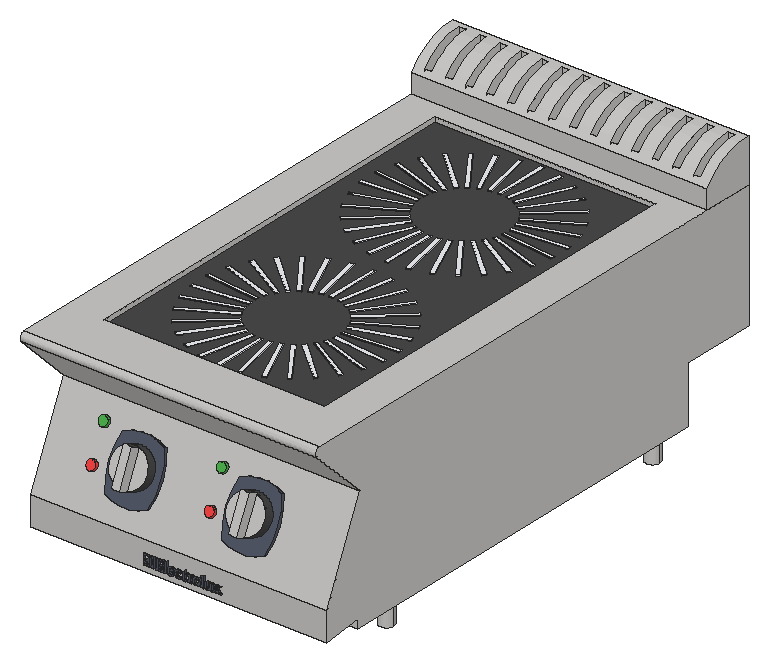
Revit family "QF_ELECTROLUXPROFESSIONAL_371020_E7INED2000", category Specialty Equipment, Revit 2018
Family settings
  Round Connector Dimension = Use Diameter
  Part Type = Normal
  Work Plane-Based = No
  Always vertical = Yes
  Cut with Voids When Loaded = No
  Shared = No
  Room Calculation Point = No
Parameters
  Width = 400 mm  # constant formula
  Weight in Pounds = 44  # constant formula
  Watts = 7000 VA  # 7000 W
  Volts = 400 V  # constant formula
  URL Cutsheet = "www.electrolux.com/foodservice"
  URL = "www.electrolux.com/foodservice"
  Type Mark [instance] = ""
  Status [instance] = ""
  Specification by User [instance] = ""
  Specification by Manufacturer = ""
  Show Logo [instance] = yes
  Show Clearance [instance] = yes
  Serial Number = ""
  Seismic Rating = ""
  SMACNA No = ""
  Revision Code [instance] = ""
  Phase = 3  # constant formula
  Omniclass Number and Title = ""
  Number of Poles [instance] = 1
  NAFEM Spec ID Number = ""
  Model = "371020"
  Min Ckt Ampacity = 0 A
  Max Overcurrent Protection = 0 A
  Masterspec = ""
  Manufacturer = "ELECTROLUX"
  Item Number [instance] = ""
  Installed By [instance] = ""
  Identify Quantity as Lot [instance] = yes
  Height = 332 mm  # constant formula
  HP = "9.4 HP"
  Furnished By [instance] = ""
  Foodservice Equipment Identifier [instance] = yes
  FL Amps = if(Phase = 3, Watts / (Volts * 1.73), Watts / Volts)  # 10.1156 A
  Electrical Remarks [instance] = "400 V/3N ph/50/60 Hz"  # constant formula
  Electric Connection Type [instance] = ""
  Elec Conn RI Height [instance] = 0 mm
  Elec Conn Connection Height [instance] = 0 mm
  Direct Waste Size = 0"
  Description = "700XP 2 Zone Hot Plate Electric Induction Cooking Top Range - 400V"
  Depth = 730 mm  # constant formula
  Cycle = if([60 Hertz Option], 60 Hz, 50 Hz)  # 60 Hz
  Conn Plug = ""
  Conn Conduit = yes
  CSI MasterFormat = ""
  CSI Master Format = ""
  Base Height [instance] = 24 mm  # constant formula
  Apparent Power = if(Phase = 3, Volts * FL Amps * 1.73, Volts * FL Amps)  # 7000 VA
  60 Hertz Option = not([50 Hertz Option])  # yes
  50 Hertz Option = no
Reference planes
  plane 1 "BACK": y = 0
  plane 2: z = 0
  plane 3 "LEFT": x = 0
  plane 4 "RIGHT": x = 400
  plane 5 "FRONT": y = -730
  plane 6 "TOP": z = 332
  plane 7 "Center Y": x = 200
  plane 8 "Center X": y = -365
  plane 9 "BASE": z = 24
  plane 10 "TOP A": z = 273.238
  plane 11: y = -597.884
  plane 12: y = -147.637
Forms (mm)
  Extrusion 1, solid, material "QF_Finishes_Stainless Steel"
    sketch origin (0, 0, 0) x (0, 1, 0) y (0, 0, 1)
      loop
        line (0, 273.237) -> (-725.027, 273.237)
        arc (-725.027, 273.237) -> (-730.893, 269.318) -> (-729.517, 262.397) r 6.35
        line (-729.517, 262.397) -> (-657.416, 190.047) -> (-713.522, 69.19) -> (-713.522, 31.09) -> (-660.4, 36.7) -> (-660.4, 24) -> (-101.6, 24) -> (-101.6, 101.788) -> (0, 101.788) -> (0, 273.237)
    from 0 to 400
  Extrusion 2, solid, material "QF_Finishes_Stainless Steel"
    sketch origin (0, 0, 0) x (0, 1, 0) y (0, 0, 1)
      loop
        line (0, 273.237) -> (0, 332)
        arc (0, 332) -> (-38.885, 323.609) -> (-69.85, 298.638) r 86.116
        line (-69.85, 298.638) -> (-69.85, 273.237) -> (0, 273.237)
    from 0 to 400
  Extrusion 3, void
    sketch origin (0, 0, 273.238) x (-1, 0, 0) y (0, -1, 0)
      loop
        line (-50, 93.262) -> (-50, 653.262) -> (-350, 653.262) -> (-350, 93.262) -> (-50, 93.262)
    from 0 to -6.35
  Extrusion 4, void
    sketch origin (0, 0, 273.238) x (-1, 0, 0) y (0, -1, 0)
      loop
        line (-13.453, 6.761) -> (-13.453, 63.911) -> (-22.749, 63.911) -> (-22.749, 6.761) -> (-13.453, 6.761)
    from 25.4 to 63.5
  Extrusion 5, void
    sketch origin (400.05, 0, 273.237) x (1, 0, 0) y (0, 1, 0)
      loop
        line (-13.503, -6.761) -> (-22.799, -6.761) -> (-22.799, -63.911) -> (-13.503, -63.911) -> (-13.503, -6.761)
    from 25.4 to 63.5
  Extrusion 6, void
    sketch origin (27.988, 0, 273.238) x (-1, 0, 0) y (0, -1, 0)
      loop
        line (-13.453, 6.761) -> (-13.453, 63.911) -> (-22.749, 63.911) -> (-22.749, 6.761) -> (-13.453, 6.761)
    from 25.4 to 63.5
  Extrusion 7, void
    sketch origin (55.977, 0, 273.238) x (-1, 0, 0) y (0, -1, 0)
      loop
        line (-13.453, 6.761) -> (-13.453, 63.911) -> (-22.749, 63.911) -> (-22.749, 6.761) -> (-13.453, 6.761)
    from 25.4 to 63.5
  Extrusion 8, void
    sketch origin (83.965, 0, 273.238) x (-1, 0, 0) y (0, -1, 0)
      loop
        line (-13.428, 6.761) -> (-13.428, 63.911) -> (-22.724, 63.911) -> (-22.724, 6.761) -> (-13.428, 6.761)
    from 25.4 to 63.5
  Extrusion 9, void
    sketch origin (111.953, 0, 273.238) x (-1, 0, 0) y (0, -1, 0)
      loop
        line (-13.428, 6.761) -> (-13.428, 63.911) -> (-22.724, 63.911) -> (-22.724, 6.761) -> (-13.428, 6.761)
    from 25.4 to 63.5
  Extrusion 10, void
    sketch origin (139.942, 0, 273.237) x (-1, 0, 0) y (0, -1, 0)
      loop
        line (-13.428, 6.761) -> (-13.428, 63.911) -> (-22.724, 63.911) -> (-22.724, 6.761) -> (-13.428, 6.761)
    from 25.4 to 63.5
  Extrusion 11, void
    sketch origin (167.93, 0, 273.237) x (-1, 0, 0) y (0, -1, 0)
      loop
        line (-13.428, 6.761) -> (-13.428, 63.911) -> (-22.724, 63.911) -> (-22.724, 6.761) -> (-13.428, 6.761)
    from 25.4 to 63.5
  Extrusion 12, void
    sketch origin (195.918, 0, 273.237) x (-1, 0, 0) y (0, -1, 0)
      loop
        line (-13.428, 6.761) -> (-13.428, 63.911) -> (-22.724, 63.911) -> (-22.724, 6.761) -> (-13.428, 6.761)
    from 25.4 to 63.5
  Extrusion 13, void
    sketch origin (223.907, 0, 273.237) x (-1, 0, 0) y (0, -1, 0)
      loop
        line (-13.428, 6.761) -> (-13.428, 63.911) -> (-22.724, 63.911) -> (-22.724, 6.761) -> (-13.428, 6.761)
    from 25.4 to 63.5
  Extrusion 14, void
    sketch origin (251.895, 0, 273.237) x (-1, 0, 0) y (0, -1, 0)
      loop
        line (-13.428, 6.761) -> (-13.428, 63.911) -> (-22.724, 63.911) -> (-22.724, 6.761) -> (-13.428, 6.761)
    from 25.4 to 63.5
  Extrusion 15, void
    sketch origin (279.884, 0, 273.237) x (-1, 0, 0) y (0, -1, 0)
      loop
        line (-13.403, 6.761) -> (-13.403, 63.911) -> (-22.699, 63.911) -> (-22.699, 6.761) -> (-13.403, 6.761)
    from 25.4 to 63.5
  Extrusion 16, void
    sketch origin (307.872, 0, 273.237) x (-1, 0, 0) y (0, -1, 0)
      loop
        line (-13.403, 6.761) -> (-13.403, 63.911) -> (-22.699, 63.911) -> (-22.699, 6.761) -> (-13.403, 6.761)
    from 25.4 to 63.5
  Extrusion 17, void
    sketch origin (335.86, 0, 273.237) x (-1, 0, 0) y (0, -1, 0)
      loop
        line (-13.403, 6.761) -> (-13.403, 63.911) -> (-22.699, 63.911) -> (-22.699, 6.761) -> (-13.403, 6.761)
    from 25.4 to 63.5
  Extrusion 18, solid, material "QF_Finishes_Stainless Steel"
    sketch origin (0, 0, 0) x (1, 0, 0) y (0, 1, 0)
      loop
        circle (11.112, -147.638) r 9.525
      loop
        circle (11.112, -597.884) r 9.525
      loop
        circle (388.887, -147.638) r 9.525
      loop
        circle (388.887, -597.884) r 9.525
    from 0 to 24
  Extrusion 19, solid, material "QF_Finishes_Navy Blue"
    sketch origin (-40.325, -713.522, 69.19) x (0, 0.421077, 0.907025) y (-1, 0, 0)
      loop
        arc (101.077, -132.565) -> (66.2, -125.548) -> (31.333, -132.61) r 89.894
        arc (31.333, -132.61) -> (24.638, -161.14) -> (31.333, -189.671) r 64.14
        arc (31.333, -189.671) -> (66.2, -196.736) -> (101.077, -189.715) r 89.853
        arc (101.077, -189.715) -> (107.792, -161.14) -> (101.077, -132.565) r 64.16
    from 0 to 3.175
  Extrusion 20, solid, material "QF_Finishes_Stainless Steel"
    sketch origin (-40.325, -716.402, 70.527) x (0, 0.421077, 0.907025) y (-1, 0, 0)
      loop
        circle (68.826, -160.963) r 25.4
    from 0 to 12.7
  Extrusion 21, solid, material "QF_Finishes_Stainless Steel"
    sketch origin (-40.325, -727.921, 75.875) x (0, 0.421077, 0.907025) y (-1, 0, 0)
      loop
        arc (93.558, -166.749) -> (94.226, -160.963) -> (93.558, -155.177) r 25.4
        line (93.558, -155.177) -> (44.094, -155.177)
        arc (44.094, -155.177) -> (43.426, -160.963) -> (44.094, -166.749) r 25.4
        line (44.094, -166.749) -> (93.558, -166.749)
    from 0 to 12.7
  Extrusion 22, solid, material "QF_Finishes_Green"
    sketch origin (-95, -709.311, 78.261) x (0, 0.421077, 0.907025) y (-1, 0, 0)
      loop
        circle (93.566, -160.648) r 6.35
    from 0 to 3.175
  Extrusion 23, solid, material "QF_Finishes_Red"
    sketch origin (-95, -719.312, 56.719) x (0, 0.421077, 0.907025) y (-1, 0, 0)
      loop
        circle (68.272, -160.648) r 6.4
    from 0 to 3.175
  Extrusion 24, solid, material "QF_Finishes_Stainless Steel"
    sketch origin (0, -101.6, 101.788) x (0, 0, -1) y (-1, 0, 0)
      loop
        circle (43.882, -336.5) r 12.7
    from 0 to 12.7
  Extrusion 25, solid, material "QF_Finishes_Clearance", visible <- "Show Clearance", detail levels coarse
    sketch origin (0, 0, 0) x (1, 0, 0) y (0, 1, 0)
      loop
        line (0, -731.377) -> (0, 0) -> (400, 0) -> (400, -731.377) -> (550.019, -731.377) -> (550.019, 150.019) -> (-150.019, 150.019) -> (-150.019, -731.377) -> (0, -731.377)
    from 0 to 332
  Extrusion 26, solid, material "QF_Finishes_Navy Blue", visible <- "Show Logo"
    sketch origin (-134.192, -713.772, 32.49) x (0, 0, 1) y (-1, 0, 0)
      loop
        line (20.674, -296.698) -> (8.307, -296.698)
        arc (8.307, -296.698) -> (14.491, -301.27) -> (20.674, -296.698) r 6.467
      loop
        arc (20.674, -296.069) -> (19.505, -290.926) -> (14.849, -288.448) r 6.338
        line (14.849, -288.448) -> (14.849, -290.494)
        arc (14.849, -290.494) -> (16.333, -294.149) -> (19.778, -296.069) r 5.941
        line (19.778, -296.069) -> (20.674, -296.069)
      loop
        arc (9.203, -296.069) -> (12.648, -294.149) -> (14.132, -290.494) r 5.941
        line (14.132, -290.494) -> (14.132, -288.448)
        arc (14.132, -288.448) -> (9.438, -290.922) -> (8.148, -296.069) r 6.504
        line (8.148, -296.069) -> (9.203, -296.069)
      loop
        line (21.349, -287.979) -> (7.604, -287.979) -> (7.604, -301.742) -> (21.349, -301.742) -> (21.349, -287.979)
      loop
        arc (21.432, -304.71) -> (21.085, -304.352) -> (20.718, -304.69) r 0.358
        arc (20.718, -304.69) -> (20.404, -305.44) -> (19.687, -305.825) r 1.216
        line (19.687, -305.825) -> (9.274, -305.825)
        arc (9.274, -305.825) -> (8.614, -305.548) -> (8.218, -304.951) r 1.238
        arc (8.218, -304.951) -> (7.823, -304.7) -> (7.518, -305.054) r 0.358
        line (7.518, -305.054) -> (7.518, -314.933) -> (10.269, -314.933) -> (10.269, -314.036)
        arc (10.269, -314.036) -> (9.36, -313.456) -> (8.904, -312.479) r 1.928
        line (8.904, -312.479) -> (8.904, -309.98)
        arc (8.904, -309.98) -> (9.18, -309.251) -> (9.868, -308.887) r 1.101
        line (9.868, -308.887) -> (13.955, -308.887) -> (13.955, -312.561)
        arc (13.955, -312.561) -> (13.602, -313.058) -> (13.037, -313.286) r 1.083
        arc (13.037, -313.286) -> (12.773, -313.591) -> (13.065, -313.869) r 0.292
        line (13.065, -313.869) -> (16.028, -313.869)
        arc (16.028, -313.869) -> (16.33, -313.596) -> (16.092, -313.266) r 0.305
        arc (16.092, -313.266) -> (15.601, -313.018) -> (15.296, -312.561) r 1.083
        line (15.296, -312.561) -> (15.296, -308.887) -> (19.973, -308.887) -> (19.973, -312.635)
        arc (19.973, -312.635) -> (19.759, -313.39) -> (19.153, -313.888) r 1.314
        arc (19.153, -313.888) -> (18.934, -314.292) -> (19.288, -314.585) r 0.361
        line (19.288, -314.585) -> (21.432, -314.585) -> (21.432, -304.71)
      loop
        arc (20.715, -315.365) -> (20.335, -316.284) -> (19.416, -316.664) r 1.299
        line (19.416, -316.664) -> (9.837, -316.664)
        arc (9.837, -316.664) -> (8.999, -316.286) -> (8.728, -315.408) r 1.118
        line (8.728, -315.408) -> (7.518, -315.408) -> (7.518, -320.758) -> (8.706, -320.758)
        arc (8.706, -320.758) -> (8.978, -319.841) -> (9.848, -319.445) r 1.153
        line (9.848, -319.445) -> (21.92, -319.445) -> (20.715, -315.365)
      loop
        line (12.483, -323.394) -> (12.483, -329.842) -> (13.282, -329.842)
        arc (13.282, -329.842) -> (15.862, -328.857) -> (17.131, -326.404) r 3.874
        line (17.131, -326.404) -> (17.131, -324.643)
        arc (17.131, -324.643) -> (15.944, -321.778) -> (13.08, -320.592) r 4.051
        line (13.08, -320.592) -> (11.072, -320.592)
        arc (11.072, -320.592) -> (8.253, -322.077) -> (7.202, -325.084) r 4.352
        arc (7.202, -325.084) -> (7.566, -327.547) -> (8.943, -329.621) r 5.713
        line (8.943, -329.621) -> (9.892, -329.621)
        arc (9.892, -329.621) -> (9.16, -328.052) -> (8.943, -326.334) r 5.579
        arc (8.943, -326.334) -> (9.737, -324.371) -> (11.616, -323.394) r 3.057
        line (11.616, -323.394) -> (12.483, -323.394)
      loop
        line (13.742, -323.394) -> (13.742, -326.977)
        arc (13.742, -326.977) -> (15.199, -327.024) -> (16.082, -325.864) r 1.59
        line (16.082, -325.864) -> (16.082, -325.034)
        arc (16.082, -325.034) -> (15.217, -323.779) -> (13.742, -323.394) r 2.184
      loop
        arc (16.533, -339.259) -> (17.022, -337.585) -> (17.179, -335.848) r 9.023
        line (17.179, -335.848) -> (17.179, -334.486)
        arc (17.179, -334.486) -> (16.02, -331.686) -> (13.22, -330.527) r 3.959
        line (13.22, -330.527) -> (10.62, -330.527)
        arc (10.62, -330.527) -> (8.338, -331.819) -> (7.221, -334.192) r 4.331
        line (7.221, -334.192) -> (7.221, -336.327)
        arc (7.221, -336.327) -> (7.729, -337.877) -> (8.651, -339.223) r 5.772
        arc (8.651, -339.223) -> (9.412, -339.274) -> (9.499, -338.515) r 0.553
        arc (9.499, -338.515) -> (9.111, -337.781) -> (8.977, -336.962) r 2.573
        line (8.977, -336.962) -> (8.977, -335.447)
        arc (8.977, -335.447) -> (9.983, -333.806) -> (11.798, -333.163) r 2.884
        line (11.798, -333.163) -> (13.077, -333.163)
        arc (13.077, -333.163) -> (14.898, -333.723) -> (15.824, -335.388) r 2.554
        line (15.824, -335.388) -> (15.824, -336.441)
        arc (15.824, -336.441) -> (15.493, -337.369) -> (14.836, -338.104) r 2.564
        arc (14.836, -338.104) -> (14.614, -338.821) -> (15.223, -339.259) r 0.643
        line (15.223, -339.259) -> (16.533, -339.259)
      loop
        line (15.515, -339.53) -> (15.515, -341.031) -> (9.467, -341.031)
        arc (9.467, -341.031) -> (7.879, -341.688) -> (7.221, -343.276) r 2.246
        line (7.221, -343.276) -> (7.221, -344.86)
        arc (7.221, -344.86) -> (7.535, -345.725) -> (8.035, -346.496) r 4.06
        arc (8.035, -346.496) -> (8.768, -346.629) -> (9.019, -345.928) r 0.576
        arc (9.019, -345.928) -> (8.913, -345.403) -> (8.977, -344.87) r 1.69
        arc (8.977, -344.87) -> (9.519, -344.082) -> (10.425, -343.779) r 1.506
        line (10.425, -343.779) -> (15.563, -343.779) -> (15.563, -346.176) -> (16.119, -346.733) -> (16.941, -346.733) -> (16.941, -343.873) -> (20.172, -343.873) -> (15.515, -339.53)
      loop
        line (7.438, -347.63) -> (7.438, -353.017) -> (8.548, -353.017)
        arc (8.548, -353.017) -> (8.942, -352.066) -> (9.893, -351.672) r 1.345
        line (9.893, -351.672) -> (13.509, -351.672)
        arc (13.509, -351.672) -> (14.274, -352.264) -> (14.564, -353.186) r 1.615
        line (14.564, -353.186) -> (14.564, -354.742) -> (17.119, -355.427) -> (17.119, -354.044) -> (15.177, -351.485) -> (17.057, -351.485) -> (16.773, -348.779)
        arc (16.773, -348.779) -> (16.333, -348.249) -> (15.674, -348.45) r 0.621
        arc (15.674, -348.45) -> (15.274, -348.792) -> (14.78, -348.975) r 1.501
        line (14.78, -348.975) -> (9.893, -348.975)
        arc (9.893, -348.975) -> (8.942, -348.581) -> (8.548, -347.63) r 1.345
        line (8.548, -347.63) -> (7.438, -347.63)
      loop
        line (13.54, -354.964) -> (10.848, -354.964)
        arc (10.848, -354.964) -> (8.403, -356.272) -> (7.269, -358.803) r 4.288
        arc (7.269, -358.803) -> (7.205, -360.183) -> (7.269, -361.563) r 15.022
        arc (7.269, -361.563) -> (8.403, -364.094) -> (10.848, -365.401) r 4.288
        line (10.848, -365.401) -> (13.54, -365.401)
        arc (13.54, -365.401) -> (15.986, -364.094) -> (17.119, -361.563) r 4.288
        arc (17.119, -361.563) -> (17.183, -360.183) -> (17.119, -358.803) r 15.022
        arc (17.119, -358.803) -> (15.986, -356.272) -> (13.54, -354.964) r 4.288
      loop
        line (13.745, -358.078) -> (10.643, -358.078)
        arc (10.643, -358.078) -> (8.486, -360.235) -> (10.643, -362.392) r 2.157
        line (10.643, -362.392) -> (13.745, -362.392)
        arc (13.745, -362.392) -> (15.902, -360.235) -> (13.745, -358.078) r 2.157
      loop
        arc (20.726, -365.26) -> (20.355, -366.154) -> (19.461, -366.524) r 1.264
        line (19.461, -366.524) -> (9.597, -366.524)
        arc (9.597, -366.524) -> (8.727, -366.127) -> (8.455, -365.211) r 1.153
        line (8.455, -365.211) -> (7.518, -365.211) -> (7.518, -370.319) -> (8.446, -370.319)
        arc (8.446, -370.319) -> (8.805, -369.547) -> (9.597, -369.232) r 1.153
        line (9.597, -369.232) -> (21.92, -369.232) -> (20.726, -365.26)
      loop
        arc (15.846, -369.857) -> (15.647, -370.921) -> (14.678, -371.403) r 1.215
        line (14.678, -371.403) -> (9.658, -371.403)
        arc (9.658, -371.403) -> (8.043, -372.051) -> (7.322, -373.634) r 2.338
        line (7.322, -373.634) -> (7.322, -375.148)
        arc (7.322, -375.148) -> (7.497, -376.152) -> (7.999, -377.038) r 2.979
        line (7.999, -377.038) -> (7.518, -378.835) -> (7.518, -380.524) -> (16.943, -380.524) -> (16.649, -376.32) -> (15.863, -376.32)
        arc (15.863, -376.32) -> (15.507, -377.156) -> (14.755, -377.665) r 1.605
        line (14.755, -377.665) -> (9.652, -377.665)
        arc (9.652, -377.665) -> (9.232, -376.728) -> (9.159, -375.704) r 2.94
        arc (9.159, -375.704) -> (9.72, -374.603) -> (10.873, -374.16) r 1.724
        line (10.873, -374.16) -> (17.07, -374.16) -> (15.846, -369.857)
      loop
        line (16.874, -381.377) -> (15.202, -383.423) -> (12.028, -385.729) -> (8.572, -382.617)
        arc (8.572, -382.617) -> (8.335, -382.223) -> (8.357, -381.764) r 0.789
        line (8.357, -381.764) -> (7.518, -381.764) -> (7.518, -385.309) -> (8.344, -385.309)
        arc (8.344, -385.309) -> (8.686, -384.947) -> (9.176, -385.039) r 0.52
        line (9.176, -385.039) -> (10.976, -386.51) -> (8.858, -387.886)
        arc (8.858, -387.886) -> (8.457, -387.576) -> (8.37, -387.076) r 0.7
        line (8.37, -387.076) -> (7.518, -387.076) -> (7.518, -393.003) -> (8.405, -393.003)
        arc (8.405, -393.003) -> (8.472, -392.344) -> (8.866, -391.813) r 1.247
        line (8.866, -391.813) -> (13.066, -388.532) -> (15.513, -390.585) -> (16.874, -392.327) -> (16.874, -388.604) -> (15.389, -389.026) -> (13.868, -387.749) -> (15.568, -386.559) -> (16.874, -387.336) -> (16.874, -381.377)
    from 0 to 1.644
  Extrusion 27, solid, material "QF_Finishes_White"
    sketch origin (0, 0, 266.887) x (-1, 0, 0) y (0, -1, 0)
      loop
        line (-196.926, 361.478) -> (-201.926, 361.478) -> (-201.926, 288.082) -> (-196.926, 288.082) -> (-196.926, 361.478)
    from 0 to 0.8
  Extrusion 28, solid, material "QF_Finishes_White"
    sketch origin (52.177, 36.558, 266.887) x (-0.978148, 0.207912, 0) y (-0.207912, -0.978148, 0)
      loop
        line (-196.926, 361.478) -> (-201.926, 361.478) -> (-201.926, 288.082) -> (-196.926, 288.082) -> (-196.926, 361.478)
    from 0 to 0.8
  Extrusion 29, solid, material "QF_Finishes_White"
    sketch origin (-43.436, -46.607, 266.887) x (-0.978148, -0.207912, 0) y (0.207912, -0.978148, 0)
      loop
        line (-196.926, 361.478) -> (-201.926, 361.478) -> (-201.926, 288.082) -> (-196.926, 288.082) -> (-196.926, 361.478)
    from 0 to 0.8
  Extrusion 30, solid, material "QF_Finishes_White"
    sketch origin (-76.233, -101.226, 266.887) x (-0.913545, -0.406737, 0) y (0.406737, -0.913545, 0)
      loop
        line (-196.926, 361.478) -> (-201.926, 361.478) -> (-201.926, 288.082) -> (-196.926, 288.082) -> (-196.926, 361.478)
    from 0 to 0.8
  Extrusion 31, solid, material "QF_Finishes_White"
    sketch origin (-96.957, -161.471, 266.887) x (-0.809017, -0.587785, 0) y (0.587785, -0.809017, 0)
      loop
        line (-196.926, 361.478) -> (-201.926, 361.478) -> (-201.926, 288.082) -> (-196.926, 288.082) -> (-196.926, 361.478)
    from 0 to 0.8
  Extrusion 32, solid, material "QF_Finishes_White"
    sketch origin (-104.703, -224.708, 266.887) x (-0.669131, -0.743145, 0) y (0.743145, -0.669131, 0)
      loop
        line (-196.926, 361.478) -> (-201.926, 361.478) -> (-201.926, 288.082) -> (-196.926, 288.082) -> (-196.926, 361.478)
    from 0 to 0.8
  Extrusion 33, solid, material "QF_Finishes_White"
    sketch origin (-99.132, -288.174, 266.887) x (-0.5, -0.866025, 0) y (0.866025, -0.5, 0)
      loop
        line (-196.926, 361.478) -> (-201.926, 361.478) -> (-201.926, 288.082) -> (-196.926, 288.082) -> (-196.926, 361.478)
    from 0 to 0.8
  Extrusion 34, solid, material "QF_Finishes_White"
    sketch origin (-80.487, -349.094, 266.887) x (-0.309017, -0.951057, 0) y (0.951057, -0.309017, 0)
      loop
        line (-196.926, 361.478) -> (-201.926, 361.478) -> (-201.926, 288.082) -> (-196.926, 288.082) -> (-196.926, 361.478)
    from 0 to 0.8
  Extrusion 35, solid, material "QF_Finishes_White"
    sketch origin (-49.583, -404.807, 266.887) x (-0.104528, -0.994522, 0) y (0.994522, -0.104528, 0)
      loop
        line (-196.926, 361.478) -> (-201.926, 361.478) -> (-201.926, 288.082) -> (-196.926, 288.082) -> (-196.926, 361.478)
    from 0 to 0.8
  Extrusion 36, solid, material "QF_Finishes_White"
    sketch origin (-7.772, -452.877, 266.887) x (0.104528, -0.994522, 0) y (0.994522, 0.104528, 0)
      loop
        line (-196.926, 361.478) -> (-201.926, 361.478) -> (-201.926, 288.082) -> (-196.926, 288.082) -> (-196.926, 361.478)
    from 0 to 0.8
  Extrusion 37, solid, material "QF_Finishes_White"
    sketch origin (43.12, -491.203, 266.887) x (0.309017, -0.951057, 0) y (0.951057, 0.309017, 0)
      loop
        line (-196.926, 361.478) -> (-201.926, 361.478) -> (-201.926, 288.082) -> (-196.926, 288.082) -> (-196.926, 361.478)
    from 0 to 0.8
  Extrusion 38, solid, material "QF_Finishes_White"
    sketch origin (100.868, -518.111, 266.887) x (0.5, -0.866025, 0) y (0.866025, 0.5, 0)
      loop
        line (-196.926, 361.478) -> (-201.926, 361.478) -> (-201.926, 288.082) -> (-196.926, 288.082) -> (-196.926, 361.478)
    from 0 to 0.8
  Extrusion 39, solid, material "QF_Finishes_White"
    sketch origin (162.949, -532.424, 266.887) x (0.669131, -0.743145, 0) y (0.743145, 0.669131, 0)
      loop
        line (-196.926, 361.478) -> (-201.926, 361.478) -> (-201.926, 288.082) -> (-196.926, 288.082) -> (-196.926, 361.478)
    from 0 to 0.8
  Extrusion 40, solid, material "QF_Finishes_White"
    sketch origin (226.65, -533.518, 266.887) x (0.809017, -0.587785, 0) y (0.587785, 0.809017, 0)
      loop
        line (-196.926, 361.478) -> (-201.926, 361.478) -> (-201.926, 288.082) -> (-196.926, 288.082) -> (-196.926, 361.478)
    from 0 to 0.8
  Extrusion 41, solid, material "QF_Finishes_White"
    sketch origin (289.185, -521.343, 266.887) x (0.913545, -0.406737, 0) y (0.406737, 0.913545, 0)
      loop
        line (-196.926, 361.478) -> (-201.926, 361.478) -> (-201.926, 288.082) -> (-196.926, 288.082) -> (-196.926, 361.478)
    from 0 to 0.8
  Extrusion 42, solid, material "QF_Finishes_White"
    sketch origin (347.823, -496.432, 266.887) x (0.978148, -0.207912, 0) y (0.207912, 0.978148, 0)
      loop
        line (-196.926, 361.478) -> (-201.926, 361.478) -> (-201.926, 288.082) -> (-196.926, 288.082) -> (-196.926, 361.478)
    from 0 to 0.8
  Extrusion 43, solid, material "QF_Finishes_White"
    sketch origin (400, -459.875, 266.887) x (1, 0, 0) y (0, 1, 0)
      loop
        line (-196.926, 361.478) -> (-201.926, 361.478) -> (-201.926, 288.082) -> (-196.926, 288.082) -> (-196.926, 361.478)
    from 0 to 0.8
  Extrusion 44, solid, material "QF_Finishes_White"
    sketch origin (443.436, -413.268, 266.887) x (0.978148, 0.207912, 0) y (-0.207912, 0.978148, 0)
      loop
        line (-196.926, 361.478) -> (-201.926, 361.478) -> (-201.926, 288.082) -> (-196.926, 288.082) -> (-196.926, 361.478)
    from 0 to 0.8
  Extrusion 45, solid, material "QF_Finishes_White"
    sketch origin (476.233, -358.648, 266.887) x (0.913545, 0.406737, 0) y (-0.406737, 0.913545, 0)
      loop
        line (-196.926, 361.478) -> (-201.926, 361.478) -> (-201.926, 288.082) -> (-196.926, 288.082) -> (-196.926, 361.478)
    from 0 to 0.8
  Extrusion 46, solid, material "QF_Finishes_White"
    sketch origin (496.957, -298.403, 266.887) x (0.809017, 0.587785, 0) y (-0.587785, 0.809017, 0)
      loop
        line (-196.926, 361.478) -> (-201.926, 361.478) -> (-201.926, 288.082) -> (-196.926, 288.082) -> (-196.926, 361.478)
    from 0 to 0.8
  Extrusion 47, solid, material "QF_Finishes_White"
    sketch origin (504.703, -235.166, 266.887) x (0.669131, 0.743145, 0) y (-0.743145, 0.669131, 0)
      loop
        line (-196.926, 361.478) -> (-201.926, 361.478) -> (-201.926, 288.082) -> (-196.926, 288.082) -> (-196.926, 361.478)
    from 0 to 0.8
  Extrusion 48, solid, material "QF_Finishes_White"
    sketch origin (499.132, -171.701, 266.887) x (0.5, 0.866025, 0) y (-0.866025, 0.5, 0)
      loop
        line (-196.926, 361.478) -> (-201.926, 361.478) -> (-201.926, 288.082) -> (-196.926, 288.082) -> (-196.926, 361.478)
    from 0 to 0.8
  Extrusion 49, solid, material "QF_Finishes_White"
    sketch origin (480.487, -110.781, 266.887) x (0.309017, 0.951057, 0) y (-0.951057, 0.309017, 0)
      loop
        line (-196.926, 361.478) -> (-201.926, 361.478) -> (-201.926, 288.082) -> (-196.926, 288.082) -> (-196.926, 361.478)
    from 0 to 0.8
  Extrusion 50, solid, material "QF_Finishes_White"
    sketch origin (449.583, -55.068, 266.887) x (0.104528, 0.994522, 0) y (-0.994522, 0.104528, 0)
      loop
        line (-196.926, 361.478) -> (-201.926, 361.478) -> (-201.926, 288.082) -> (-196.926, 288.082) -> (-196.926, 361.478)
    from 0 to 0.8
  Extrusion 51, solid, material "QF_Finishes_White"
    sketch origin (407.772, -6.998, 266.887) x (-0.104528, 0.994522, 0) y (-0.994522, -0.104528, 0)
      loop
        line (-196.926, 361.478) -> (-201.926, 361.478) -> (-201.926, 288.082) -> (-196.926, 288.082) -> (-196.926, 361.478)
    from 0 to 0.8
  Extrusion 52, solid, material "QF_Finishes_White"
    sketch origin (356.88, 31.329, 266.887) x (-0.309017, 0.951057, 0) y (-0.951057, -0.309017, 0)
      loop
        line (-196.926, 361.478) -> (-201.926, 361.478) -> (-201.926, 288.082) -> (-196.926, 288.082) -> (-196.926, 361.478)
    from 0 to 0.8
  Extrusion 53, solid, material "QF_Finishes_White"
    sketch origin (299.132, 58.236, 266.887) x (-0.5, 0.866025, 0) y (-0.866025, -0.5, 0)
      loop
        line (-196.926, 361.478) -> (-201.926, 361.478) -> (-201.926, 288.082) -> (-196.926, 288.082) -> (-196.926, 361.478)
    from 0 to 0.8
  Extrusion 54, solid, material "QF_Finishes_White"
    sketch origin (237.051, 72.55, 266.887) x (-0.669131, 0.743145, 0) y (-0.743145, -0.669131, 0)
      loop
        line (-196.926, 361.478) -> (-201.926, 361.478) -> (-201.926, 288.082) -> (-196.926, 288.082) -> (-196.926, 361.478)
    from 0 to 0.8
  Extrusion 55, solid, material "QF_Finishes_White"
    sketch origin (173.35, 73.643, 266.887) x (-0.809017, 0.587785, 0) y (-0.587785, -0.809017, 0)
      loop
        line (-196.926, 361.478) -> (-201.926, 361.478) -> (-201.926, 288.082) -> (-196.926, 288.082) -> (-196.926, 361.478)
    from 0 to 0.8
  Extrusion 56, solid, material "QF_Finishes_White"
    sketch origin (110.815, 61.468, 266.887) x (-0.913545, 0.406737, 0) y (-0.406737, -0.913545, 0)
      loop
        line (-196.926, 361.478) -> (-201.926, 361.478) -> (-201.926, 288.082) -> (-196.926, 288.082) -> (-196.926, 361.478)
    from 0 to 0.8
  Extrusion 57, solid, material "QF_Finishes_White"
    sketch origin (0, -285, 266.887) x (-1, 0, 0) y (0, -1, 0)
      loop
        line (-196.926, 361.478) -> (-201.926, 361.478) -> (-201.926, 288.082) -> (-196.926, 288.082) -> (-196.926, 361.478)
    from 0 to 0.8
  Extrusion 58, solid, material "QF_Finishes_White"
    sketch origin (52.177, -248.442, 266.887) x (-0.978148, 0.207912, 0) y (-0.207912, -0.978148, 0)
      loop
        line (-196.926, 361.478) -> (-201.926, 361.478) -> (-201.926, 288.082) -> (-196.926, 288.082) -> (-196.926, 361.478)
    from 0 to 0.8
  Extrusion 59, solid, material "QF_Finishes_White"
    sketch origin (-43.436, -331.607, 266.887) x (-0.978148, -0.207912, 0) y (0.207912, -0.978148, 0)
      loop
        line (-196.926, 361.478) -> (-201.926, 361.478) -> (-201.926, 288.082) -> (-196.926, 288.082) -> (-196.926, 361.478)
    from 0 to 0.8
  Extrusion 60, solid, material "QF_Finishes_White"
    sketch origin (-76.233, -386.226, 266.887) x (-0.913545, -0.406737, 0) y (0.406737, -0.913545, 0)
      loop
        line (-196.926, 361.478) -> (-201.926, 361.478) -> (-201.926, 288.082) -> (-196.926, 288.082) -> (-196.926, 361.478)
    from 0 to 0.8
  Extrusion 61, solid, material "QF_Finishes_White"
    sketch origin (-96.957, -446.471, 266.887) x (-0.809017, -0.587785, 0) y (0.587785, -0.809017, 0)
      loop
        line (-196.926, 361.478) -> (-201.926, 361.478) -> (-201.926, 288.082) -> (-196.926, 288.082) -> (-196.926, 361.478)
    from 0 to 0.8
  Extrusion 62, solid, material "QF_Finishes_White"
    sketch origin (-104.703, -509.708, 266.887) x (-0.669131, -0.743145, 0) y (0.743145, -0.669131, 0)
      loop
        line (-196.926, 361.478) -> (-201.926, 361.478) -> (-201.926, 288.082) -> (-196.926, 288.082) -> (-196.926, 361.478)
    from 0 to 0.8
  Extrusion 63, solid, material "QF_Finishes_White"
    sketch origin (-99.132, -573.174, 266.887) x (-0.5, -0.866025, 0) y (0.866025, -0.5, 0)
      loop
        line (-196.926, 361.478) -> (-201.926, 361.478) -> (-201.926, 288.082) -> (-196.926, 288.082) -> (-196.926, 361.478)
    from 0 to 0.8
  Extrusion 64, solid, material "QF_Finishes_White"
    sketch origin (-80.487, -634.094, 266.887) x (-0.309017, -0.951057, 0) y (0.951057, -0.309017, 0)
      loop
        line (-196.926, 361.478) -> (-201.926, 361.478) -> (-201.926, 288.082) -> (-196.926, 288.082) -> (-196.926, 361.478)
    from 0 to 0.8
  Extrusion 65, solid, material "QF_Finishes_White"
    sketch origin (-49.583, -689.807, 266.887) x (-0.104528, -0.994522, 0) y (0.994522, -0.104528, 0)
      loop
        line (-196.926, 361.478) -> (-201.926, 361.478) -> (-201.926, 288.082) -> (-196.926, 288.082) -> (-196.926, 361.478)
    from 0 to 0.8
  Extrusion 66, solid, material "QF_Finishes_White"
    sketch origin (-7.772, -737.877, 266.887) x (0.104528, -0.994522, 0) y (0.994522, 0.104528, 0)
      loop
        line (-196.926, 361.478) -> (-201.926, 361.478) -> (-201.926, 288.082) -> (-196.926, 288.082) -> (-196.926, 361.478)
    from 0 to 0.8
  Extrusion 67, solid, material "QF_Finishes_White"
    sketch origin (43.12, -776.203, 266.887) x (0.309017, -0.951057, 0) y (0.951057, 0.309017, 0)
      loop
        line (-196.926, 361.478) -> (-201.926, 361.478) -> (-201.926, 288.082) -> (-196.926, 288.082) -> (-196.926, 361.478)
    from 0 to 0.8
  Extrusion 68, solid, material "QF_Finishes_White"
    sketch origin (100.868, -803.111, 266.887) x (0.5, -0.866025, 0) y (0.866025, 0.5, 0)
      loop
        line (-196.926, 361.478) -> (-201.926, 361.478) -> (-201.926, 288.082) -> (-196.926, 288.082) -> (-196.926, 361.478)
    from 0 to 0.8
  Extrusion 69, solid, material "QF_Finishes_White"
    sketch origin (162.949, -817.424, 266.887) x (0.669131, -0.743145, 0) y (0.743145, 0.669131, 0)
      loop
        line (-196.926, 361.478) -> (-201.926, 361.478) -> (-201.926, 288.082) -> (-196.926, 288.082) -> (-196.926, 361.478)
    from 0 to 0.8
  Extrusion 70, solid, material "QF_Finishes_White"
    sketch origin (226.65, -818.518, 266.887) x (0.809017, -0.587785, 0) y (0.587785, 0.809017, 0)
      loop
        line (-196.926, 361.478) -> (-201.926, 361.478) -> (-201.926, 288.082) -> (-196.926, 288.082) -> (-196.926, 361.478)
    from 0 to 0.8
  Extrusion 71, solid, material "QF_Finishes_White"
    sketch origin (289.185, -806.343, 266.887) x (0.913545, -0.406737, 0) y (0.406737, 0.913545, 0)
      loop
        line (-196.926, 361.478) -> (-201.926, 361.478) -> (-201.926, 288.082) -> (-196.926, 288.082) -> (-196.926, 361.478)
    from 0 to 0.8
  Extrusion 72, solid, material "QF_Finishes_White"
    sketch origin (347.823, -781.432, 266.887) x (0.978148, -0.207912, 0) y (0.207912, 0.978148, 0)
      loop
        line (-196.926, 361.478) -> (-201.926, 361.478) -> (-201.926, 288.082) -> (-196.926, 288.082) -> (-196.926, 361.478)
    from 0 to 0.8
  Extrusion 73, solid, material "QF_Finishes_White"
    sketch origin (400, -744.875, 266.887) x (1, 0, 0) y (0, 1, 0)
      loop
        line (-196.926, 361.478) -> (-201.926, 361.478) -> (-201.926, 288.082) -> (-196.926, 288.082) -> (-196.926, 361.478)
    from 0 to 0.8
  Extrusion 74, solid, material "QF_Finishes_White"
    sketch origin (443.436, -698.268, 266.887) x (0.978148, 0.207912, 0) y (-0.207912, 0.978148, 0)
      loop
        line (-196.926, 361.478) -> (-201.926, 361.478) -> (-201.926, 288.082) -> (-196.926, 288.082) -> (-196.926, 361.478)
    from 0 to 0.8
  Extrusion 75, solid, material "QF_Finishes_White"
    sketch origin (476.233, -643.648, 266.887) x (0.913545, 0.406737, 0) y (-0.406737, 0.913545, 0)
      loop
        line (-196.926, 361.478) -> (-201.926, 361.478) -> (-201.926, 288.082) -> (-196.926, 288.082) -> (-196.926, 361.478)
    from 0 to 0.8
  Extrusion 76, solid, material "QF_Finishes_White"
    sketch origin (496.957, -583.403, 266.887) x (0.809017, 0.587785, 0) y (-0.587785, 0.809017, 0)
      loop
        line (-196.926, 361.478) -> (-201.926, 361.478) -> (-201.926, 288.082) -> (-196.926, 288.082) -> (-196.926, 361.478)
    from 0 to 0.8
  Extrusion 77, solid, material "QF_Finishes_White"
    sketch origin (504.703, -520.166, 266.887) x (0.669131, 0.743145, 0) y (-0.743145, 0.669131, 0)
      loop
        line (-196.926, 361.478) -> (-201.926, 361.478) -> (-201.926, 288.082) -> (-196.926, 288.082) -> (-196.926, 361.478)
    from 0 to 0.8
  Extrusion 78, solid, material "QF_Finishes_White"
    sketch origin (499.132, -456.701, 266.887) x (0.5, 0.866025, 0) y (-0.866025, 0.5, 0)
      loop
        line (-196.926, 361.478) -> (-201.926, 361.478) -> (-201.926, 288.082) -> (-196.926, 288.082) -> (-196.926, 361.478)
    from 0 to 0.8
  Extrusion 79, solid, material "QF_Finishes_White"
    sketch origin (480.487, -395.781, 266.887) x (0.309017, 0.951057, 0) y (-0.951057, 0.309017, 0)
      loop
        line (-196.926, 361.478) -> (-201.926, 361.478) -> (-201.926, 288.082) -> (-196.926, 288.082) -> (-196.926, 361.478)
    from 0 to 0.8
  Extrusion 80, solid, material "QF_Finishes_White"
    sketch origin (449.583, -340.068, 266.887) x (0.104528, 0.994522, 0) y (-0.994522, 0.104528, 0)
      loop
        line (-196.926, 361.478) -> (-201.926, 361.478) -> (-201.926, 288.082) -> (-196.926, 288.082) -> (-196.926, 361.478)
    from 0 to 0.8
  Extrusion 81, solid, material "QF_Finishes_White"
    sketch origin (407.772, -291.998, 266.887) x (-0.104528, 0.994522, 0) y (-0.994522, -0.104528, 0)
      loop
        line (-196.926, 361.478) -> (-201.926, 361.478) -> (-201.926, 288.082) -> (-196.926, 288.082) -> (-196.926, 361.478)
    from 0 to 0.8
  Extrusion 82, solid, material "QF_Finishes_White"
    sketch origin (356.88, -253.671, 266.887) x (-0.309017, 0.951057, 0) y (-0.951057, -0.309017, 0)
      loop
        line (-196.926, 361.478) -> (-201.926, 361.478) -> (-201.926, 288.082) -> (-196.926, 288.082) -> (-196.926, 361.478)
    from 0 to 0.8
  Extrusion 83, solid, material "QF_Finishes_White"
    sketch origin (299.132, -226.764, 266.887) x (-0.5, 0.866025, 0) y (-0.866025, -0.5, 0)
      loop
        line (-196.926, 361.478) -> (-201.926, 361.478) -> (-201.926, 288.082) -> (-196.926, 288.082) -> (-196.926, 361.478)
    from 0 to 0.8
  Extrusion 84, solid, material "QF_Finishes_White"
    sketch origin (237.051, -212.45, 266.887) x (-0.669131, 0.743145, 0) y (-0.743145, -0.669131, 0)
      loop
        line (-196.926, 361.478) -> (-201.926, 361.478) -> (-201.926, 288.082) -> (-196.926, 288.082) -> (-196.926, 361.478)
    from 0 to 0.8
  Extrusion 85, solid, material "QF_Finishes_White"
    sketch origin (173.35, -211.357, 266.887) x (-0.809017, 0.587785, 0) y (-0.587785, -0.809017, 0)
      loop
        line (-196.926, 361.478) -> (-201.926, 361.478) -> (-201.926, 288.082) -> (-196.926, 288.082) -> (-196.926, 361.478)
    from 0 to 0.8
  Extrusion 86, solid, material "QF_Finishes_White"
    sketch origin (110.815, -223.532, 266.887) x (-0.913545, 0.406737, 0) y (-0.406737, -0.913545, 0)
      loop
        line (-196.926, 361.478) -> (-201.926, 361.478) -> (-201.926, 288.082) -> (-196.926, 288.082) -> (-196.926, 361.478)
    from 0 to 0.8
  Extrusion 87, solid, material "QF_Finishes_Navy Blue"
    sketch origin (440.325, -713.522, 69.19) x (0, 0.421077, 0.907025) y (-1, 0, 0)
      loop
        arc (101.077, 132.565) -> (107.792, 161.14) -> (101.077, 189.715) r 64.16
        arc (101.077, 189.715) -> (66.2, 196.736) -> (31.333, 189.671) r 89.853
        arc (31.333, 189.671) -> (24.638, 161.14) -> (31.333, 132.61) r 64.14
        arc (31.333, 132.61) -> (66.2, 125.548) -> (101.077, 132.565) r 89.894
    from 0 to 3.175
  Extrusion 88, solid, material "QF_Finishes_Stainless Steel"
    sketch origin (440.325, -716.402, 70.527) x (0, 0.421077, 0.907025) y (-1, 0, 0)
      loop
        circle (68.826, 160.963) r 25.4
    from 0 to 12.7
  Extrusion 89, solid, material "QF_Finishes_Stainless Steel"
    sketch origin (440.325, -727.921, 75.875) x (0, 0.421077, 0.907025) y (-1, 0, 0)
      loop
        line (93.558, 166.749) -> (44.094, 166.749)
        arc (44.094, 166.749) -> (43.426, 160.963) -> (44.094, 155.177) r 25.4
        line (44.094, 155.177) -> (93.558, 155.177)
        arc (93.558, 155.177) -> (94.226, 160.963) -> (93.558, 166.749) r 25.4
    from 0 to 12.7
  Extrusion 90, solid, material "QF_Finishes_Green"
    sketch origin (65, -709.311, 78.261) x (0, 0.421077, 0.907025) y (-1, 0, 0)
      loop
        circle (93.566, -160.648) r 6.35
    from 0 to 3.175
  Extrusion 91, solid, material "QF_Finishes_Red"
    sketch origin (65, -719.312, 56.719) x (0, 0.421077, 0.907025) y (-1, 0, 0)
      loop
        circle (68.272, -160.648) r 6.4
    from 0 to 3.175
Cuts and joins
  Extrusion 3, Extrusion 4 cuts Extrusion 1
  Extrusion 4, Extrusion 5, Extrusion 6, Extrusion 7, Extrusion 8, Extrusion 9, Extrusion 10, Extrusion 11, Extrusion 12, Extrusion 13, Extrusion 14, Extrusion 15, Extrusion 16, Extrusion 17 cuts Extrusion 2
  joined: Extrusion 20, Extrusion 21
Lines and regions (mm)
  symbolic lines, style "QF-Clearances", visible <- "Show Clearance", detail levels coarse
    curve 1: line (-150.019, 150.019, 273.238) -> (-150.019, -731.377, 273.238)
    curve 2: line (550.019, 150.019, 273.237) -> (-150.019, 150.019, 273.238)
    curve 3: line (550.019, -731.377, 273.237) -> (550.019, 150.019, 273.237)
  symbolic lines
    curve 4: line (0, 0, 273.238) -> (400, 0, 273.237)
    curve 5: line (0, -730, 273.238) -> (0, 0, 273.238)
    curve 6: line (400, 0, 273.237) -> (400, -730, 273.237)
    curve 7: line (22.724, -6.761, 273.238) -> (22.724, -63.911, 273.238)
    curve 8: line (22.724, -63.911, 273.238) -> (13.428, -63.911, 273.238)
    curve 9: line (13.428, -63.911, 273.238) -> (13.428, -6.761, 273.238)
    curve 10: line (13.428, -6.761, 273.238) -> (22.724, -6.761, 273.238)
    curve 11: line (386.547, -6.761, 273.237) -> (386.547, -63.911, 273.237)
    curve 12: line (386.547, -63.911, 273.237) -> (377.251, -63.911, 273.237)
    curve 13: line (377.251, -63.911, 273.237) -> (377.251, -6.761, 273.237)
    curve 14: line (377.251, -6.761, 273.237) -> (386.547, -6.761, 273.237)
    curve 15: line (50.712, -6.761, 273.238) -> (50.712, -63.911, 273.238)
    curve 16: line (50.712, -63.911, 273.238) -> (41.416, -63.911, 273.238)
    curve 17: line (41.416, -63.911, 273.238) -> (41.416, -6.761, 273.238)
    curve 18: line (41.416, -6.761, 273.238) -> (50.712, -6.761, 273.238)
    curve 19: line (78.7, -6.761, 273.238) -> (78.7, -63.911, 273.238)
    curve 20: line (78.7, -63.911, 273.238) -> (69.405, -63.911, 273.238)
    curve 21: line (69.405, -63.911, 273.238) -> (69.405, -6.761, 273.238)
    curve 22: line (69.405, -6.761, 273.238) -> (78.7, -6.761, 273.238)
    curve 23: line (106.689, -6.761, 273.238) -> (106.689, -63.911, 273.238)
    curve 24: line (106.689, -63.911, 273.238) -> (97.393, -63.911, 273.238)
    curve 25: line (97.393, -63.911, 273.238) -> (97.393, -6.761, 273.238)
    curve 26: line (97.393, -6.761, 273.238) -> (106.689, -6.761, 273.238)
    curve 27: line (134.677, -6.761, 273.237) -> (134.677, -63.911, 273.237)
    curve 28: line (134.677, -63.911, 273.237) -> (125.381, -63.911, 273.237)
    curve 29: line (125.381, -63.911, 273.237) -> (125.381, -6.761, 273.237)
    curve 30: line (125.381, -6.761, 273.237) -> (134.677, -6.761, 273.237)
    curve 31: line (162.665, -6.761, 273.237) -> (162.665, -63.911, 273.237)
    curve 32: line (162.665, -63.911, 273.237) -> (153.37, -63.911, 273.237)
    curve 33: line (153.37, -63.911, 273.237) -> (153.37, -6.761, 273.237)
    curve 34: line (153.37, -6.761, 273.237) -> (162.665, -6.761, 273.237)
    curve 35: line (190.654, -6.761, 273.237) -> (190.654, -63.911, 273.237)
    curve 36: line (190.654, -63.911, 273.237) -> (181.358, -63.911, 273.237)
    curve 37: line (181.358, -63.911, 273.237) -> (181.358, -6.761, 273.237)
    curve 38: line (181.358, -6.761, 273.237) -> (190.654, -6.761, 273.237)
    curve 39: line (218.642, -6.761, 273.237) -> (218.642, -63.911, 273.237)
    curve 40: line (218.642, -63.911, 273.237) -> (209.346, -63.911, 273.237)
    curve 41: line (209.346, -63.911, 273.237) -> (209.346, -6.761, 273.237)
    curve 42: line (209.346, -6.761, 273.237) -> (218.642, -6.761, 273.237)
    curve 43: line (246.605, -6.761, 273.237) -> (246.605, -63.911, 273.237)
    curve 44: line (246.605, -63.911, 273.237) -> (237.31, -63.911, 273.237)
    curve 45: line (237.31, -63.911, 273.237) -> (237.31, -6.761, 273.237)
    curve 46: line (237.31, -6.761, 273.237) -> (246.605, -6.761, 273.237)
    curve 47: line (274.594, -6.761, 273.237) -> (274.594, -63.911, 273.237)
    curve 48: line (274.594, -63.911, 273.237) -> (265.298, -63.911, 273.237)
    curve 49: line (265.298, -63.911, 273.237) -> (265.298, -6.761, 273.237)
    curve 50: line (265.298, -6.761, 273.237) -> (274.594, -6.761, 273.237)
    curve 51: line (302.582, -6.761, 273.237) -> (302.582, -63.911, 273.237)
    curve 52: line (302.582, -63.911, 273.237) -> (293.286, -63.911, 273.237)
    curve 53: line (293.286, -63.911, 273.237) -> (293.286, -6.761, 273.237)
    curve 54: line (293.286, -6.761, 273.237) -> (302.582, -6.761, 273.237)
    curve 55: line (330.57, -6.761, 273.237) -> (330.57, -63.911, 273.237)
    curve 56: line (330.57, -63.911, 273.237) -> (321.275, -63.911, 273.237)
    curve 57: line (321.275, -63.911, 273.237) -> (321.275, -6.761, 273.237)
    curve 58: line (321.275, -6.761, 273.237) -> (330.57, -6.761, 273.237)
    curve 59: line (358.559, -6.761, 273.237) -> (358.559, -63.911, 273.237)
    curve 60: line (358.559, -63.911, 273.237) -> (349.263, -63.911, 273.237)
    curve 61: line (349.263, -63.911, 273.237) -> (349.263, -6.761, 273.237)
    curve 62: line (349.263, -6.761, 273.237) -> (358.559, -6.761, 273.237)
    curve 63: line (31.725, -69.85, 273.238) -> (0, -69.85, 273.238)
    curve 64: line (0, -69.85, 273.238) -> (0, -120.65, 273.238)
    curve 65: line (0, -69.85, 273.238) -> (400, -69.85, 273.237)
    curve 66: line (400, -730, 273.237) -> (0, -730, 273.238)
    curve 67: line (326.512, -356.903, 266.887) -> (338.006, -356.903, 266.887)
    curve 68: line (326.512, -389.159, 266.887) -> (326.512, -356.903, 266.887)
    curve 69: line (338.006, -389.159, 266.887) -> (326.512, -389.159, 266.887)
    curve 70: line (338.006, -356.903, 266.887) -> (338.006, -389.159, 266.887)
    curve 71: line (50, -653.262, 266.888) -> (50, -93.262, 266.888)
    curve 72: line (50, -93.262, 266.888) -> (350, -93.262, 266.887)
    curve 73: line (350, -93.262, 266.887) -> (350, -653.262, 266.887)
    curve 74: line (350, -653.262, 266.887) -> (50, -653.262, 266.888)
    curve 75: line (201.926, -361.478, 266.887) -> (201.926, -288.082, 266.887)
    curve 76: line (201.926, -288.082, 266.887) -> (196.926, -288.082, 266.887)
    curve 77: line (196.926, -288.082, 266.887) -> (196.926, -361.478, 266.887)
    curve 78: line (196.926, -361.478, 266.887) -> (201.926, -361.478, 266.887)
    curve 79: line (174.535, -359.004, 266.887) -> (189.794, -287.212, 266.887)
    curve 80: line (189.794, -287.212, 266.887) -> (184.904, -286.172, 266.887)
    curve 81: line (184.904, -286.172, 266.887) -> (169.644, -357.964, 266.887)
    curve 82: line (169.644, -357.964, 266.887) -> (174.535, -359.004, 266.887)
    curve 83: line (229.232, -358.203, 266.887) -> (213.972, -286.411, 266.887)
    curve 84: line (213.972, -286.411, 266.887) -> (209.082, -287.451, 266.887)
    curve 85: line (209.082, -287.451, 266.887) -> (224.342, -359.243, 266.887)
    curve 86: line (224.342, -359.243, 266.887) -> (229.232, -358.203, 266.887)
    curve 87: line (255.262, -349.323, 266.887) -> (225.409, -282.272, 266.887)
    curve 88: line (225.409, -282.272, 266.887) -> (220.841, -284.306, 266.887)
    curve 89: line (220.841, -284.306, 266.887) -> (250.694, -351.356, 266.887)
    curve 90: line (250.694, -351.356, 266.887) -> (255.262, -349.323, 266.887)
    curve 91: line (278.876, -335.224, 266.887) -> (235.735, -275.846, 266.887)
    curve 92: line (235.735, -275.846, 266.887) -> (231.689, -278.785, 266.887)
    curve 93: line (231.689, -278.785, 266.887) -> (274.83, -338.163, 266.887)
    curve 94: line (274.83, -338.163, 266.887) -> (278.876, -335.224, 266.887)
    curve 95: line (299.042, -316.524, 266.887) -> (244.499, -267.413, 266.887)
    curve 96: line (244.499, -267.413, 266.887) -> (241.153, -271.129, 266.887)
    curve 97: line (241.153, -271.129, 266.887) -> (295.697, -320.24, 266.887)
    curve 98: line (295.697, -320.24, 266.887) -> (299.042, -316.524, 266.887)
    curve 99: line (314.88, -294.04, 266.887) -> (251.318, -257.342, 266.887)
    curve 100: line (251.318, -257.342, 266.887) -> (248.818, -261.672, 266.887)
    curve 101: line (248.818, -261.672, 266.887) -> (312.38, -298.37, 266.887)
    curve 102: line (312.38, -298.37, 266.887) -> (314.88, -294.04, 266.887)
    curve 103: line (325.698, -268.754, 266.887) -> (255.894, -246.074, 266.887)
    curve 104: line (255.894, -246.074, 266.887) -> (254.349, -250.829, 266.887)
    curve 105: line (254.349, -250.829, 266.887) -> (324.153, -273.51, 266.887)
    curve 106: line (324.153, -273.51, 266.887) -> (325.698, -268.754, 266.887)
    curve 107: line (331.021, -241.772, 266.887) -> (258.028, -234.1, 266.887)
    curve 108: line (258.028, -234.1, 266.887) -> (257.505, -239.073, 266.887)
    curve 109: line (257.505, -239.073, 266.887) -> (330.499, -246.745, 266.887)
    curve 110: line (330.499, -246.745, 266.887) -> (331.021, -241.772, 266.887)
    curve 111: line (330.619, -214.273, 266.887) -> (257.625, -221.945, 266.887)
    curve 112: line (257.625, -221.945, 266.887) -> (258.148, -226.917, 266.887)
    curve 113: line (258.148, -226.917, 266.887) -> (331.142, -219.245, 266.887)
    curve 114: line (331.142, -219.245, 266.887) -> (330.619, -214.273, 266.887)
    curve 115: line (324.508, -187.458, 266.887) -> (254.704, -210.138, 266.887)
    curve 116: line (254.704, -210.138, 266.887) -> (256.249, -214.894, 266.887)
    curve 117: line (256.249, -214.894, 266.887) -> (326.053, -192.213, 266.887)
    curve 118: line (326.053, -192.213, 266.887) -> (324.508, -187.458, 266.887)
    curve 119: line (312.955, -162.499, 266.887) -> (249.392, -199.197, 266.887)
    curve 120: line (249.392, -199.197, 266.887) -> (251.892, -203.527, 266.887)
    curve 121: line (251.892, -203.527, 266.887) -> (315.455, -166.829, 266.887)
    curve 122: line (315.455, -166.829, 266.887) -> (312.955, -162.499, 266.887)
    curve 123: line (296.465, -140.488, 266.887) -> (241.922, -189.6, 266.887)
    curve 124: line (241.922, -189.6, 266.887) -> (245.267, -193.316, 266.887)
    curve 125: line (245.267, -193.316, 266.887) -> (299.811, -144.204, 266.887)
    curve 126: line (299.811, -144.204, 266.887) -> (296.465, -140.488, 266.887)
    curve 127: line (275.76, -122.387, 266.887) -> (232.619, -181.765, 266.887)
    curve 128: line (232.619, -181.765, 266.887) -> (236.664, -184.704, 266.887)
    curve 129: line (236.664, -184.704, 266.887) -> (279.805, -125.326, 266.887)
    curve 130: line (279.805, -125.326, 266.887) -> (275.76, -122.387, 266.887)
    curve 131: line (251.743, -108.986, 266.887) -> (221.891, -176.036, 266.887)
    curve 132: line (221.891, -176.036, 266.887) -> (226.458, -178.07, 266.887)
    curve 133: line (226.458, -178.07, 266.887) -> (256.311, -111.019, 266.887)
    curve 134: line (256.311, -111.019, 266.887) -> (251.743, -108.986, 266.887)
    curve 135: line (225.465, -100.871, 266.887) -> (210.206, -172.663, 266.887)
    curve 136: line (210.206, -172.663, 266.887) -> (215.096, -173.702, 266.887)
    curve 137: line (215.096, -173.702, 266.887) -> (230.356, -101.91, 266.887)
    curve 138: line (230.356, -101.91, 266.887) -> (225.465, -100.871, 266.887)
    curve 139: line (198.074, -98.397, 266.887) -> (198.074, -171.792, 266.887)
    curve 140: line (198.074, -171.792, 266.887) -> (203.074, -171.792, 266.887)
    curve 141: line (203.074, -171.792, 266.887) -> (203.074, -98.397, 266.887)
    curve 142: line (203.074, -98.397, 266.887) -> (198.074, -98.397, 266.887)
    curve 143: line (170.768, -101.671, 266.887) -> (186.028, -173.463, 266.887)
    curve 144: line (186.028, -173.463, 266.887) -> (190.918, -172.424, 266.887)
    curve 145: line (190.918, -172.424, 266.887) -> (175.658, -100.632, 266.887)
    curve 146: line (175.658, -100.632, 266.887) -> (170.768, -101.671, 266.887)
    curve 147: line (144.738, -110.552, 266.887) -> (174.591, -177.602, 266.887)
    curve 148: line (174.591, -177.602, 266.887) -> (179.159, -175.569, 266.887)
    curve 149: line (179.159, -175.569, 266.887) -> (149.306, -108.518, 266.887)
    curve 150: line (149.306, -108.518, 266.887) -> (144.738, -110.552, 266.887)
    curve 151: line (121.124, -124.65, 266.887) -> (164.265, -184.029, 266.887)
    curve 152: line (164.265, -184.029, 266.887) -> (168.311, -181.09, 266.887)
    curve 153: line (168.311, -181.09, 266.887) -> (125.17, -121.711, 266.887)
    curve 154: line (125.17, -121.711, 266.887) -> (121.124, -124.65, 266.887)
    curve 155: line (100.958, -143.35, 266.887) -> (155.501, -192.462, 266.887)
    curve 156: line (155.501, -192.462, 266.887) -> (158.847, -188.746, 266.887)
    curve 157: line (158.847, -188.746, 266.887) -> (104.303, -139.635, 266.887)
    curve 158: line (104.303, -139.635, 266.887) -> (100.958, -143.35, 266.887)
    curve 159: line (85.12, -165.834, 266.887) -> (148.682, -202.532, 266.887)
    curve 160: line (148.682, -202.532, 266.887) -> (151.182, -198.202, 266.887)
    curve 161: line (151.182, -198.202, 266.887) -> (87.62, -161.504, 266.887)
    curve 162: line (87.62, -161.504, 266.887) -> (85.12, -165.834, 266.887)
    curve 163: line (74.302, -191.12, 266.887) -> (144.106, -213.801, 266.887)
    curve 164: line (144.106, -213.801, 266.887) -> (145.651, -209.046, 266.887)
    curve 165: line (145.651, -209.046, 266.887) -> (75.847, -186.365, 266.887)
    curve 166: line (75.847, -186.365, 266.887) -> (74.302, -191.12, 266.887)
    curve 167: line (68.979, -218.103, 266.887) -> (141.972, -225.775, 266.887)
    curve 168: line (141.972, -225.775, 266.887) -> (142.495, -220.802, 266.887)
    curve 169: line (142.495, -220.802, 266.887) -> (69.501, -213.13, 266.887)
    curve 170: line (69.501, -213.13, 266.887) -> (68.979, -218.103, 266.887)
    curve 171: line (69.381, -245.602, 266.887) -> (142.375, -237.93, 266.887)
    curve 172: line (142.375, -237.93, 266.887) -> (141.852, -232.958, 266.887)
    curve 173: line (141.852, -232.958, 266.887) -> (68.858, -240.629, 266.887)
    curve 174: line (68.858, -240.629, 266.887) -> (69.381, -245.602, 266.887)
    curve 175: line (75.492, -272.417, 266.887) -> (145.296, -249.736, 266.887)
    curve 176: line (145.296, -249.736, 266.887) -> (143.751, -244.981, 266.887)
    curve 177: line (143.751, -244.981, 266.887) -> (73.947, -267.662, 266.887)
    curve 178: line (73.947, -267.662, 266.887) -> (75.492, -272.417, 266.887)
    curve 179: line (87.045, -297.375, 266.887) -> (150.608, -260.677, 266.887)
    curve 180: line (150.608, -260.677, 266.887) -> (148.108, -256.347, 266.887)
    curve 181: line (148.108, -256.347, 266.887) -> (84.545, -293.045, 266.887)
    curve 182: line (84.545, -293.045, 266.887) -> (87.045, -297.375, 266.887)
    curve 183: line (103.535, -319.386, 266.887) -> (158.078, -270.275, 266.887)
    curve 184: line (158.078, -270.275, 266.887) -> (154.733, -266.559, 266.887)
    curve 185: line (154.733, -266.559, 266.887) -> (100.189, -315.671, 266.887)
    curve 186: line (100.189, -315.671, 266.887) -> (103.535, -319.386, 266.887)
    curve 187: line (124.24, -337.488, 266.887) -> (167.381, -278.109, 266.887)
    curve 188: line (167.381, -278.109, 266.887) -> (163.336, -275.17, 266.887)
    curve 189: line (163.336, -275.17, 266.887) -> (120.195, -334.549, 266.887)
    curve 190: line (120.195, -334.549, 266.887) -> (124.24, -337.488, 266.887)
    curve 191: line (148.257, -350.889, 266.887) -> (178.109, -283.839, 266.887)
    curve 192: line (178.109, -283.839, 266.887) -> (173.542, -281.805, 266.887)
    curve 193: line (173.542, -281.805, 266.887) -> (143.689, -348.855, 266.887)
    curve 194: line (143.689, -348.855, 266.887) -> (148.257, -350.889, 266.887)
    curve 195: line (201.926, -646.478, 266.887) -> (201.926, -573.082, 266.887)
    curve 196: line (201.926, -573.082, 266.887) -> (196.926, -573.082, 266.887)
    curve 197: line (196.926, -573.082, 266.887) -> (196.926, -646.478, 266.887)
    curve 198: line (196.926, -646.478, 266.887) -> (201.926, -646.478, 266.887)
    curve 199: line (174.535, -644.004, 266.887) -> (189.794, -572.212, 266.887)
    curve 200: line (189.794, -572.212, 266.887) -> (184.904, -571.172, 266.887)
    curve 201: line (184.904, -571.172, 266.887) -> (169.644, -642.964, 266.887)
    curve 202: line (169.644, -642.964, 266.887) -> (174.535, -644.004, 266.887)
    curve 203: line (229.232, -643.203, 266.887) -> (213.972, -571.411, 266.887)
    curve 204: line (213.972, -571.411, 266.887) -> (209.082, -572.451, 266.887)
    curve 205: line (209.082, -572.451, 266.887) -> (224.342, -644.243, 266.887)
    curve 206: line (224.342, -644.243, 266.887) -> (229.232, -643.203, 266.887)
    curve 207: line (255.262, -634.323, 266.887) -> (225.409, -567.272, 266.887)
    curve 208: line (225.409, -567.272, 266.887) -> (220.841, -569.306, 266.887)
    curve 209: line (220.841, -569.306, 266.887) -> (250.694, -636.356, 266.887)
    curve 210: line (250.694, -636.356, 266.887) -> (255.262, -634.323, 266.887)
    curve 211: line (278.876, -620.224, 266.887) -> (235.735, -560.846, 266.887)
    curve 212: line (235.735, -560.846, 266.887) -> (231.689, -563.785, 266.887)
    curve 213: line (231.689, -563.785, 266.887) -> (274.83, -623.163, 266.887)
    curve 214: line (274.83, -623.163, 266.887) -> (278.876, -620.224, 266.887)
    curve 215: line (299.042, -601.524, 266.887) -> (244.499, -552.413, 266.887)
    curve 216: line (244.499, -552.413, 266.887) -> (241.153, -556.129, 266.887)
    curve 217: line (241.153, -556.129, 266.887) -> (295.697, -605.24, 266.887)
    curve 218: line (295.697, -605.24, 266.887) -> (299.042, -601.524, 266.887)
    curve 219: line (314.88, -579.04, 266.887) -> (251.318, -542.342, 266.887)
    curve 220: line (251.318, -542.342, 266.887) -> (248.818, -546.672, 266.887)
    curve 221: line (248.818, -546.672, 266.887) -> (312.38, -583.37, 266.887)
    curve 222: line (312.38, -583.37, 266.887) -> (314.88, -579.04, 266.887)
    curve 223: line (325.698, -553.754, 266.887) -> (255.894, -531.074, 266.887)
    curve 224: line (255.894, -531.074, 266.887) -> (254.349, -535.829, 266.887)
    curve 225: line (254.349, -535.829, 266.887) -> (324.153, -558.51, 266.887)
    curve 226: line (324.153, -558.51, 266.887) -> (325.698, -553.754, 266.887)
    curve 227: line (331.021, -526.772, 266.887) -> (258.028, -519.1, 266.887)
    curve 228: line (258.028, -519.1, 266.887) -> (257.505, -524.073, 266.887)
    curve 229: line (257.505, -524.073, 266.887) -> (330.499, -531.745, 266.887)
    curve 230: line (330.499, -531.745, 266.887) -> (331.021, -526.772, 266.887)
    curve 231: line (330.619, -499.273, 266.887) -> (257.625, -506.945, 266.887)
    curve 232: line (257.625, -506.945, 266.887) -> (258.148, -511.917, 266.887)
    curve 233: line (258.148, -511.917, 266.887) -> (331.142, -504.245, 266.887)
    curve 234: line (331.142, -504.245, 266.887) -> (330.619, -499.273, 266.887)
    curve 235: line (324.508, -472.458, 266.887) -> (254.704, -495.138, 266.887)
    curve 236: line (254.704, -495.138, 266.887) -> (256.249, -499.894, 266.887)
    curve 237: line (256.249, -499.894, 266.887) -> (326.053, -477.213, 266.887)
    curve 238: line (326.053, -477.213, 266.887) -> (324.508, -472.458, 266.887)
    curve 239: line (312.955, -447.499, 266.887) -> (249.392, -484.197, 266.887)
    curve 240: line (249.392, -484.197, 266.887) -> (251.892, -488.527, 266.887)
    curve 241: line (251.892, -488.527, 266.887) -> (315.455, -451.829, 266.887)
